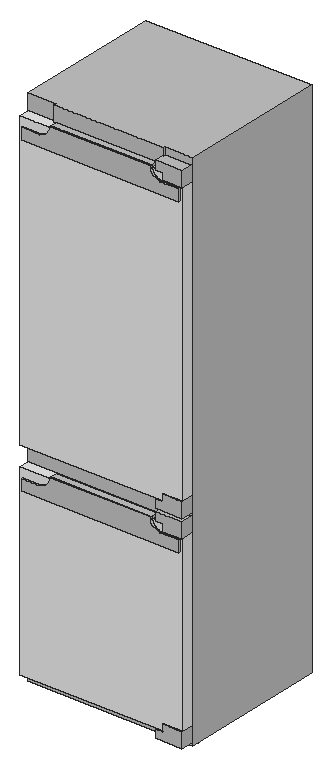
Revit family "FP_Revit_18_RB2470BRV1_Fridge_90001122A", category Specialty Equipment, Revit 2018
Family settings
  Round Connector Dimension = Use Diameter
  Part Type = Normal
  OmniClass Number = 23.40.40.11.11.17
  OmniClass Title = Refrigerator-Freezer
  Work Plane-Based = No
  Always vertical = Yes
  Cut with Voids When Loaded = Yes
  Shared = No
  Room Calculation Point = No
Parameters
  Visibility - Clearance Required = yes
  URL = "www.fisherpaykel.com"
  Stainless Steel Door Panels (RD2470BR) = no
  Product - Width = 555 mm  # constant formula
  Product - Height = 1773 mm  # constant formula
  Product - Depth = 540 mm  # constant formula
  Model = "RB2470BRV1"
  Material - Door Structure = Fisher & Paykel - White
  Material - Door Front = Fisher & Paykel - Stainless Steel
  Material - Body = Fisher & Paykel - Grey
  Manufacturer = "Fisher & Paykel Appliances"
  Handle Style - Contemporary Square (AHD3RD70B) = no
  Handle Style - Contemporary Round (AHSRD70B) = no
  Handle Offset (R=39mm - L=516mm) = 39 mm  # constant formula
  Floor Offset 18mm = 18 mm  # constant formula
  Description = "24\" Integrated Refrigerator Freezer"
  Connector Description - Electrical = "120 V, 60Hz, 10 A, fused electrical supply"
  Chassis - Width = 790 mm  # constant formula
  Chassis - Height = 1662 mm  # constant formula
  Chassis - Depth = 560 mm  # constant formula
  Cavity - Width (564mm - 570mm) = 570 mm  # constant formula
  Cavity - Height (1782mm to 1786mm) = 1786 mm
  Cavity - Depth = 550 mm  # constant formula
Reference planes
  plane 1 "Center (Front/Back)": y = 0
  plane 2: z = 0
  plane 3 "Center (Left/Right)": x = 0
  plane 4 "Product LHS": x = -277.5
  plane 5 "Product RHS": x = 277.5
  plane 6 "Cavity LHS": x = -285
  plane 7 "Cavity RHS": x = 285
  plane 8 "Cavity - Depth": y = 550
  plane 9 "Handle Offset": x = -238.5
  plane 10 "Product - Depth": y = 540
  plane 11 "Product - Height": z = 1791
  plane 12 "Cavity - Height": z = 1804
  plane 13 "Floor Offset 18mm": z = 18
  plane 14 "Door Panel 18mm": y = -18
Forms (mm)
  Extrusion 1, solid, material "Fisher & Paykel - Grey" <- "Material - Body"
    sketch origin (0, 0, 0) x (1, 0, 0) y (0, 0, 1)
      loop
        circle (237.542, 69) r 5
    from -560 to -540
  Extrusion 2, solid, material "Fisher & Paykel - Clearance Required", visible <- "Visibility - Clearance Required", detail levels coarse
    sketch origin (0, 0, 0) x (1, 0, 0) y (0, 1, 0)
      loop
        line (-285, 550) -> (-285, 0) -> (285, 0) -> (285, 550) -> (-285, 550)
    from 18 to 1804
  Extrusion 3, solid, material "Fisher & Paykel - Clearance Required", visible <- "Visibility - Clearance Required", detail levels coarse
    sketch origin (0, 0, 0) x (1, 0, 0) y (0, 1, 0)
      loop
        arc (-301.5, -18) -> (-78.191, -486.448) -> (426.339, -607.936) r 603
        line (426.339, -607.936) -> (301.5, -18) -> (-301.5, -18)
    from 0 to 1823
  Extrusion 4, solid, material "Fisher & Paykel - Grey" <- "Material - Body"
    sketch origin (0, 0, 0) x (1, 0, 0) y (0, 0, 1)
      loop
        line (184, 1768) -> (184, 1740) -> (209, 1740) -> (209, 1716.938) -> (273.072, 1716.938) -> (273.072, 1768) -> (184, 1768)
      loop
        line (184, 712) -> (184, 684) -> (209, 684) -> (209, 660.938) -> (273.072, 660.938) -> (273.072, 712) -> (184, 712)
      loop
        line (184, 722) -> (273.072, 722) -> (273.072, 773.062) -> (209, 773.062) -> (209, 750) -> (184, 750) -> (184, 722)
      loop
        line (184, 31) -> (273.072, 31) -> (273.072, 82.062) -> (209, 82.062) -> (209, 59) -> (184, 59) -> (184, 31)
    from -43 to -3
  Extrusion 5, solid, material "Fisher & Paykel - White" <- "Material - Door Structure"
    sketch origin (0, 0, 0) x (1, 0, 0) y (0, 0, 1)
      loop
        line (-273, 1740) -> (-273, 750) -> (209, 750) -> (209, 773.062) -> (273.072, 773.062) -> (273.072, 1716.938) -> (209, 1716.938) -> (209, 1740) -> (-273, 1740)
      loop
        line (-273, 684) -> (-273, 59) -> (209, 59) -> (209, 82.062) -> (273.072, 82.062) -> (273.072, 660.938) -> (209, 660.938) -> (209, 684) -> (-273, 684)
    from -43 to -6
  Extrusion 6, solid, material "Fisher & Paykel - Grey" <- "Material - Body"
    sketch origin (0, 0, 0) x (1, 0, 0) y (0, 0, 1)
      loop
        line (-264, 1672.5) -> (264, 1672.5) -> (264, 1711.484) -> (200.848, 1711.484)
        arc (200.848, 1711.484) -> (180.337, 1721.414) -> (169, 1741.183) r 38.602
        line (169, 1741.183) -> (169, 1746.6) -> (-169, 1746.6) -> (-169, 1741.183)
        arc (-169, 1741.183) -> (-180.337, 1721.414) -> (-200.848, 1711.484) r 38.602
        line (-200.848, 1711.484) -> (-264, 1711.484) -> (-264, 1672.5)
      loop
        line (-264, 616.5) -> (264, 616.5) -> (264, 655.484) -> (200.848, 655.484)
        arc (200.848, 655.484) -> (180.337, 665.413) -> (169, 685.183) r 38.602
        line (169, 685.183) -> (169, 690.6) -> (-169, 690.6) -> (-169, 685.183)
        arc (-169, 685.183) -> (-180.337, 665.413) -> (-200.848, 655.484) r 38.602
        line (-200.848, 655.484) -> (-264, 655.484) -> (-264, 616.5)
    from -6 to 0
  Extrusion 7, solid, material "Fisher & Paykel - Grey" <- "Material - Body"
    sketch origin (0, 0, 0) x (0, 1, 0) y (0, 0, 1)
      loop
        line (6, 690.6) -> (6, 684) -> (27.955, 684) -> (27.955, 690.6) -> (6, 690.6)
      loop
        line (6, 1746.6) -> (6, 1740) -> (27.955, 1740) -> (27.955, 1746.6) -> (6, 1746.6)
    from -169.035 to 169.035
  Extrusion 8, solid, material "Fisher & Paykel - Grey" <- "Material - Body"
    sketch origin (0, 0, 0) x (1, 0, 0) y (0, 0, 1)
      loop
        line (-184, 1791) -> (-184, 1740) -> (184, 1740) -> (184, 1791) -> (-184, 1791)
    from -43 to -37
  Extrusion 9, solid, material "Fisher & Paykel - Stainless Steel" <- "Material - Door Front", visible <- "Stainless Steel Door Panels (RD2470BR)"
    sketch origin (0, 0, 0) x (1, 0, 0) y (0, 0, 1)
      loop
        arc (-297.5, 1820) -> (-302.45, 1817.95) -> (-304.5, 1813) r 7
        line (-304.5, 1813) -> (-304.5, 729)
        arc (-304.5, 729) -> (-302.45, 724.05) -> (-297.5, 722) r 7
        line (-297.5, 722) -> (291.5, 722)
        arc (291.5, 722) -> (296.45, 724.05) -> (298.5, 729) r 7
        line (298.5, 729) -> (298.5, 1813)
        arc (298.5, 1813) -> (296.45, 1817.95) -> (291.5, 1820) r 7
        line (291.5, 1820) -> (-297.5, 1820)
      loop
        arc (-297.5, 719) -> (-302.45, 716.95) -> (-304.5, 712) r 7
        line (-304.5, 712) -> (-304.5, 10)
        arc (-304.5, 10) -> (-302.45, 5.05) -> (-297.5, 3) r 7
        line (-297.5, 3) -> (291.5, 3)
        arc (291.5, 3) -> (296.45, 5.05) -> (298.5, 10) r 7
        line (298.5, 10) -> (298.5, 712)
        arc (298.5, 712) -> (296.45, 716.95) -> (291.5, 719) r 7
        line (291.5, 719) -> (-297.5, 719)
    from 0 to 18
  Extrusion 10, solid, material "Fisher & Paykel - Grey" <- "Material - Body"
    sketch origin (0, 0, 0) x (1, 0, 0) y (0, 1, 0)
      loop
        line (-277.5, 540) -> (-277.5, 43) -> (277.5, 43) -> (277.5, 540) -> (-277.5, 540)
    from 23 to 1791
  Extrusion 11, solid, material "Fisher & Paykel - Grey" <- "Material - Body"
    sketch origin (0, 0, 0) x (1, 0, 0) y (0, 1, 0)
      loop
        line (-272.5, 72) -> (-272.5, 53) -> (-242.5, 53) -> (-242.5, 72) -> (-272.5, 72)
      loop
        line (256.5, 496) -> (230.5, 496) -> (230.5, 414) -> (256.5, 414) -> (256.5, 496)
      loop
        line (272.5, 72) -> (242.5, 72) -> (242.5, 53) -> (272.5, 53) -> (272.5, 72)
      loop
        line (-256.5, 496) -> (-256.5, 414) -> (-230.5, 414) -> (-230.5, 496) -> (-256.5, 496)
    from 18 to 23
  Extrusion 12, void
    sketch origin (0, 0, 0) x (1, 0, 0) y (0, 1, 0)
      loop
        line (-285, 550) -> (-285, 0) -> (285, 0) -> (285, 550) -> (-285, 550)
    from 18 to 1804
Cuts and joins
  joined: Extrusion 8, Extrusion 10
Lines and regions (mm)
  model lines, style "Fisher & Paykel"
    curve 1: line (-297.5, 0, 1820) -> (291.5, 0, 1820)
    curve 2: line (-304.5, 0, 729) -> (-304.5, 0, 1813)
    curve 3: line (291.5, 0, 722) -> (-297.5, 0, 722)
    curve 4: line (298.5, 0, 1813) -> (298.5, 0, 729)
    curve 5: line (291.5, 0, 719) -> (-297.5, 0, 719)
    curve 6: line (298.5, 0, 10) -> (298.5, 0, 712)
    curve 7: line (-297.5, 0, 3) -> (291.5, 0, 3)
    curve 8: line (-304.5, 0, 712) -> (-304.5, 0, 10)
    curve 9: arc (-304.5, 0, 1813) -> (-302.45, 0, 1817.95) -> (-297.5, 0, 1820) r 7
    curve 10: arc (291.5, 0, 1820) -> (296.45, 0, 1817.95) -> (298.5, 0, 1813) r 7
    curve 11: arc (291.5, 0, 722) -> (296.45, 0, 724.05) -> (298.5, 0, 729) r 7
    curve 12: arc (298.5, 0, 712) -> (296.45, 0, 716.95) -> (291.5, 0, 719) r 7
    curve 13: arc (-304.5, 0, 729) -> (-302.45, 0, 724.05) -> (-297.5, 0, 722) r 7
    curve 14: arc (-297.5, 0, 719) -> (-302.45, 0, 716.95) -> (-304.5, 0, 712) r 7
    curve 15: arc (-304.5, 0, 10) -> (-302.45, 0, 5.05) -> (-297.5, 0, 3) r 7
    curve 16: arc (298.5, 0, 10) -> (296.45, 0, 5.05) -> (291.5, 0, 3) r 7
Text (mm)
  text "Due to ongoing product development, product details are subject to change without notice. \nPlease always refer to www.fisherpaykel.com for the most current product information. \n© Fisher & Paykel 2020" at (41.04, -623.295, 0), in view "Ref. Level (Plan)"
Dimensions and locks
  equal spacing: plane 4 "Product LHS", plane 3 "Center (Left/Right)", plane 5 "Product RHS"
  "Product - Width": plane 4 "Product LHS" to plane 5 "Product RHS"
  equal spacing: plane 6 "Cavity LHS", plane 3 "Center (Left/Right)", plane 7 "Cavity RHS"
  "Cavity - Width (564mm - 570mm)": plane 6 "Cavity LHS" to plane 7 "Cavity RHS"
  Extrusion 1 sketch curve to plane 5 "Product RHS" = 39.958 mm
  locked: Extrusion 9 to Extrusion 9 at 1098
  locked: Extrusion 9 to Extrusion 9 at 716
  locked: Extrusion 9 to level at 3
  locked: Extrusion 9 to Extrusion 9 at 3
  Extrusion 9 to level = 1820 mm
  locked: Extrusion 9 to Extrusion 9 at 603
  "Handle Offset (R=39mm - L=516mm)": plane 4 "Product LHS" to plane 9 "Handle Offset"
  "Floor Offset 18mm": plane 13 "Floor Offset 18mm" to level
  "Product - Height": plane 11 "Product - Height" to plane 13 "Floor Offset 18mm"
  "Cavity - Height (1782mm to 1786mm)": plane 12 "Cavity - Height" to plane 13 "Floor Offset 18mm"
  "Cavity - Depth": plane 8 "Cavity - Depth" to plane 1 "Center (Front/Back)"
  "Product - Depth": plane 10 "Product - Depth" to plane 1 "Center (Front/Back)"
  locked: plane 3 "Center (Left/Right)" to Extrusion 11 sketch curve at 230.5
  Extrusion 11 sketch curve to plane 3 "Center (Left/Right)" to Extrusion 11 sketch curve = 242.5 mm locked, 242.5 mm locked
  Extrusion 11 sketch curve to plane 3 "Center (Left/Right)" to Extrusion 11 sketch curve = 272.5 mm locked, 272.5 mm locked
  locked: Extrusion 11 sketch curve to Extrusion 11 sketch curve at 26  (x2)
  locked: Extrusion 11 sketch curve to Extrusion 11 sketch curve at 513
  locked: Extrusion 3 to Extrusion 9 at 3
  radius of Extrusion 1 sketch curve = 5 mm
  aligned and locked: level to plane 2
  aligned and locked: Extrusion 10 sketch curve to plane 4 "Product LHS"
  aligned and locked: Extrusion 10 sketch curve to plane 5 "Product RHS"
  aligned and locked: Extrusion 10 sketch curve to Extrusion 5
  aligned and locked: plane 10 "Product - Depth" to Extrusion 10
  aligned and locked: nested 2 to plane 9 "Handle Offset"
  aligned and locked: nested 1 to plane 9 "Handle Offset"
  aligned and locked: plane 11 "Product - Height" to Extrusion 10
Automatic sketch dimensions
  curve 8 to plane 13 "Floor Offset 18mm" = 8 mm
  plane 6 "Cavity LHS" to curve 8 = 19.5 mm
  curve 2 to curve 8 = 0 mm
  curve 14 to curve 14 = 7 mm
  curve 8 to curve 15 = 7 mm
  curve 3 to curve 5 = 0 mm  (x2)
  curve 9 to curve 1 = 7 mm
  curve 7 to plane 7 "Cavity RHS" = 6.5 mm
  curve 11 to plane 7 "Cavity RHS" = 6.5 mm
  curve 1 to plane 7 "Cavity RHS" = 6.5 mm
  curve 12 to curve 6 = 7 mm
  curve 11 to curve 4 = 7 mm
  plane 13 "Floor Offset 18mm" to curve 6 = 694 mm
  curve 5 to curve 3 = 3 mm
  plane 12 "Cavity - Height" to curve 4 = 9 mm
  plane 13 "Floor Offset 18mm" to Extrusion 1 sketch curve = 51 mm
  plane 1 "Center (Front/Back)" to Extrusion 2 sketch curve = 0 mm
  Extrusion 2 sketch curve to plane 6 "Cavity LHS" = 0 mm
  Extrusion 2 sketch curve to plane 7 "Cavity RHS" = 0 mm
  Extrusion 2 sketch curve to plane 8 "Cavity - Depth" = 0 mm
  Extrusion 3 sketch curve to plane 14 "Door Panel 18mm" = 0 mm
  plane 6 "Cavity LHS" to Extrusion 3 sketch curve = 16.5 mm
  Extrusion 3 sketch curve to plane 7 "Cavity RHS" = 16.5 mm
  Extrusion 3 sketch curve to Extrusion 3 sketch curve = 0 mm
  Extrusion 3 sketch curve to plane 7 "Cavity RHS" = 141.339 mm
  Extrusion 4 sketch curve to plane 11 "Product - Height" = 23 mm
  plane 5 "Product RHS" to Extrusion 4 sketch curve = 93.5 mm  (x3)
  plane 13 "Floor Offset 18mm" to Extrusion 4 sketch curve = 41 mm
  Extrusion 4 sketch curve to Extrusion 4 sketch curve = 0 mm
  Extrusion 4 sketch curve to Extrusion 4 sketch curve = 25 mm  (x4)
  plane 5 "Product RHS" to Extrusion 4 sketch curve = 4.428 mm  (x4)
  plane 13 "Floor Offset 18mm" to Extrusion 4 sketch curve = 13 mm
  Extrusion 4 sketch curve to Extrusion 4 sketch curve = 23.062 mm  (x2)
  Extrusion 4 sketch curve to Extrusion 4 sketch curve = 578.875 mm
  Extrusion 4 sketch curve to Extrusion 4 sketch curve = 28 mm  (x3)
  Extrusion 4 sketch curve to Extrusion 4 sketch curve = 10 mm
  Extrusion 4 sketch curve to Extrusion 4 sketch curve = 51.062 mm  (x2)
  Extrusion 5 sketch curve to plane 4 "Product LHS" = 4.5 mm  (x2)
  plane 5 "Product RHS" to Extrusion 5 sketch curve = 68.5 mm  (x3)
  Extrusion 5 sketch curve to Extrusion 5 sketch curve = 0 mm
  plane 5 "Product RHS" to Extrusion 5 sketch curve = 4.428 mm  (x2)
  plane 13 "Floor Offset 18mm" to Extrusion 5 sketch curve = 41 mm
  plane 13 "Floor Offset 18mm" to Extrusion 5 sketch curve = 64.062 mm
  Extrusion 5 sketch curve to Extrusion 5 sketch curve = 578.875 mm
  Extrusion 5 sketch curve to Extrusion 5 sketch curve = 23.062 mm  (x2)
  Extrusion 5 sketch curve to Extrusion 5 sketch curve = 66 mm
  Extrusion 5 sketch curve to plane 11 "Product - Height" = 74.062 mm
  Extrusion 5 sketch curve to plane 11 "Product - Height" = 51 mm
  Extrusion 6 sketch curve to plane 4 "Product LHS" = 13.5 mm  (x2)
  Extrusion 6 sketch curve to plane 9 "Handle Offset" = 31.837 mm  (x2)
  Extrusion 6 sketch curve to plane 9 "Handle Offset" = 37.652 mm  (x2)
  Extrusion 6 sketch curve to Extrusion 6 sketch curve = 37.663 mm  (x4)
  plane 5 "Product RHS" to Extrusion 6 sketch curve = 108.5 mm  (x2)
  Extrusion 6 sketch curve to plane 11 "Product - Height" = 49.817 mm
  Extrusion 6 sketch curve to Extrusion 6 sketch curve = 31.848 mm  (x2)
  plane 5 "Product RHS" to Extrusion 6 sketch curve = 13.5 mm  (x2)
  Extrusion 6 sketch curve to plane 11 "Product - Height" = 79.516 mm  (x2)
  Extrusion 6 sketch curve to Extrusion 6 sketch curve = 38.984 mm  (x2)
  plane 13 "Floor Offset 18mm" to Extrusion 6 sketch curve = 675.645 mm
  Extrusion 6 sketch curve to Extrusion 6 sketch curve = 0 mm
  Extrusion 6 sketch curve to Extrusion 6 sketch curve = 3.046 mm
  Extrusion 6 sketch curve to Extrusion 6 sketch curve = 5.417 mm  (x3)
  Extrusion 6 sketch curve to Extrusion 6 sketch curve = 29.699 mm
  Extrusion 7 sketch curve to plane 1 "Center (Front/Back)" = 6 mm  (x2)
  Extrusion 7 sketch curve to Extrusion 7 sketch curve = 21.955 mm  (x2)
  plane 13 "Floor Offset 18mm" to Extrusion 7 sketch curve = 666 mm
  Extrusion 7 sketch curve to Extrusion 7 sketch curve = 6.6 mm  (x2)
  Extrusion 7 sketch curve to plane 11 "Product - Height" = 51 mm
  Extrusion 8 sketch curve to plane 11 "Product - Height" = 0 mm
  Extrusion 8 sketch curve to plane 9 "Handle Offset" = 54.5 mm
  plane 5 "Product RHS" to Extrusion 8 sketch curve = 93.5 mm
  Extrusion 8 sketch curve to Extrusion 8 sketch curve = 51 mm
  plane 6 "Cavity LHS" to Extrusion 9 sketch curve = 19.5 mm
  Extrusion 9 sketch curve to Extrusion 9 sketch curve = 0 mm  (x2)
  Extrusion 9 sketch curve to Extrusion 9 sketch curve = 7 mm  (x5)
  Extrusion 9 sketch curve to plane 7 "Cavity RHS" = 6.5 mm  (x4)
  level to Extrusion 9 sketch curve = 3 mm
  plane 13 "Floor Offset 18mm" to Extrusion 9 sketch curve = 694 mm
  Extrusion 9 sketch curve to Extrusion 9 sketch curve = 3 mm
  plane 12 "Cavity - Height" to Extrusion 9 sketch curve = 9 mm
  Extrusion 10 sketch curve to plane 10 "Product - Depth" = 0 mm
  Extrusion 11 sketch curve to plane 1 "Center (Front/Back)" = 53 mm  (x2)
  Extrusion 11 sketch curve to Extrusion 11 sketch curve = 19 mm  (x2)
  Extrusion 11 sketch curve to plane 10 "Product - Depth" = 126 mm  (x2)
  Extrusion 11 sketch curve to plane 10 "Product - Depth" = 44 mm  (x2)
  plane 1 "Center (Front/Back)" to Extrusion 12 sketch curve = 0 mm
  Extrusion 12 sketch curve to plane 6 "Cavity LHS" = 0 mm
  Extrusion 12 sketch curve to plane 7 "Cavity RHS" = 0 mm
  Extrusion 12 sketch curve to plane 8 "Cavity - Depth" = 0 mm
Nested families
  nested 1: "F&P Handle Contemporary Square - RB2470B" at (-238.5, -18, 59), visible <- "Handle Style - Contemporary Square (AHD3RD70B)", type "F&P Handle Contemporary Square - RB2470B"
  nested 2: "F&P Handle Contemporary Round - RB2470B" at (-238.5, -18, 59), visible <- "Handle Style - Contemporary Round (AHSRD70B)", type "F&P Handle Contemporary Round - RB2470B"
  nested 3: "Visibility Control Note 18" at (0, 43, 0), type "Visibility Control Note 18"
Connectors
  electrical at (237.542, 560, 69), driven by "Connector Description - Electrical"
    settings: on Extrusion 1, index 2, voltage 120 V, apparent load 0 VA, apparent load phase1 0 VA, apparent load phase2 0 VA, apparent load phase3 0 VA, power factor 1, load classification "Other", number of poles 1, system type 30, power factor state 1, is connector primary yes, connector utility no, sub classification motor no, connector description "120 V, 60Hz, 10 A, fused electrical supply"
Definition of nested family "F&P Handle Contemporary Square - RB2470B"
  Parameters (values of type "F&P Handle Contemporary Square - RB2470B")
    URL = "www.fisherpaykel.com"
    Material - Handle = none
    Manufacturer = "Fisher & Paykel Appliances"
    Connector Description - Water = ""
    Connector Description - Electrical = ""
  Reference planes
    plane 1 "Center (Front/Back)": y = 0
    plane 2: z = 0
    plane 3 "Center (Left/Right)": x = 0
  Forms (mm)
    Extrusion 1, solid, material <- "Material - Handle", detail levels fine
      sketch origin (0, 0, 0) x (1, 0, 0) y (0, 1, 0)
        loop
          arc (-7.7, -27.749) -> (0.04, -25.059) -> (7.7, -27.971) r 11.986
          line (7.7, -27.971) -> (7.7, 0) -> (-7.7, 0) -> (-7.7, -27.749)
      from 270 to 369.973
    Extrusion 2, solid, material <- "Material - Handle", detail levels fine
      sketch origin (0, 0, 0) x (1, 0, 0) y (0, 1, 0)
        loop
          arc (-7.7, -27.749) -> (0.04, -25.059) -> (7.7, -27.971) r 11.986
          line (7.7, -27.971) -> (7.7, 0) -> (-7.7, 0) -> (-7.7, -27.749)
      from 600.023 to 644.1
    Extrusion 3, solid, material <- "Material - Handle", detail levels fine
      sketch origin (0, 0, 0) x (1, 0, 0) y (0, 1, 0)
        loop
          arc (-7.7, -27.749) -> (0.04, -25.059) -> (7.7, -27.971) r 11.986
          line (7.7, -27.971) -> (7.7, 0) -> (-7.7, 0) -> (-7.7, -27.749)
      from 679 to 722.973
    Extrusion 4, solid, material <- "Material - Handle", detail levels fine
      sketch origin (0, 0, 0) x (1, 0, 0) y (0, 1, 0)
        loop
          arc (-7.7, -27.749) -> (0.04, -25.059) -> (7.7, -27.971) r 11.986
          line (7.7, -27.971) -> (7.7, 0) -> (-7.7, 0) -> (-7.7, -27.749)
      from 1191.023 to 1291
    Extrusion 5, solid, material <- "Material - Handle", detail levels fine
      sketch origin (0, 0, 0) x (1, 0, 0) y (0, 1, 0)
        loop
          arc (-8, -39.496) -> (-7.559, -40.559) -> (-6.496, -41) r 1.504
          line (-6.496, -41) -> (6.5, -41)
          arc (6.5, -41) -> (7.561, -40.561) -> (8, -39.5) r 1.5
          line (8, -39.5) -> (8, -28.788)
          arc (8, -28.788) -> (7.908, -28.369) -> (7.649, -28.028) r 1
          arc (7.649, -28.028) -> (0.055, -25.159) -> (-7.625, -27.788) r 11.986
          arc (-7.625, -27.788) -> (-7.901, -28.136) -> (-8, -28.569) r 1
          line (-8, -28.569) -> (-8, -39.496)
      from 679 to 1291
    Extrusion 6, solid, material <- "Material - Handle", detail levels fine
      sketch origin (0, 0, 0) x (1, 0, 0) y (0, 1, 0)
        loop
          arc (-8, -39.496) -> (-7.559, -40.559) -> (-6.496, -41) r 1.504
          line (-6.496, -41) -> (6.5, -41)
          arc (6.5, -41) -> (7.561, -40.561) -> (8, -39.5) r 1.5
          line (8, -39.5) -> (8, -28.788)
          arc (8, -28.788) -> (7.908, -28.369) -> (7.649, -28.028) r 1
          arc (7.649, -28.028) -> (0.055, -25.159) -> (-7.625, -27.788) r 11.986
          arc (-7.625, -27.788) -> (-7.901, -28.136) -> (-8, -28.569) r 1
          line (-8, -28.569) -> (-8, -39.496)
      from 270 to 644.1
    Sweep 7, void
      path in 3D
        loop
          line (-8, -28.569, 1291) -> (-8, -39.496, 1291)
          arc (-8, -39.496, 1291) -> (-7.559, -40.559, 1291) -> (-6.496, -41, 1291) r 1.504
          line (-6.496, -41, 1291) -> (6.5, -41, 1291)
          arc (6.5, -41, 1291) -> (7.561, -40.561, 1291) -> (8, -39.5, 1291) r 1.5
          line (8, -39.5, 1291) -> (8, -28.788, 1291)
      profile origin (8, -34.144, 1291) x (-1, 0, 0) y (0, 0, 1)
        loop
          line (0, 0) -> (0, -1.2) -> (1.2, 0) -> (0, 0)
    Extrusion 8, void
      sketch origin (0, 0, 0) x (1, 0, 0) y (0, 0, 1)
        loop
          line (6.8, 1291) -> (8, 1289.8) -> (8, 1291) -> (6.8, 1291)
        loop
          line (-6.8, 1291) -> (-8, 1291) -> (-8, 1289.8) -> (-6.8, 1291)
      from 0 to 41
    Sweep 9, void
      path in 3D
        loop
          line (-8, -28.569, 644.1) -> (-8, -39.496, 644.1)
          arc (-8, -39.496, 644.1) -> (-7.559, -40.559, 644.1) -> (-6.496, -41, 644.1) r 1.504
          line (-6.496, -41, 644.1) -> (6.5, -41, 644.1)
          arc (6.5, -41, 644.1) -> (7.561, -40.561, 644.1) -> (8, -39.5, 644.1) r 1.5
          line (8, -39.5, 644.1) -> (8, -28.788, 644.1)
      profile origin (8, -34.144, 644.1) x (-1, 0, 0) y (0, 0, 1)
        loop
          line (0, 0) -> (0, -1.2) -> (1.2, 0) -> (0, 0)
    Extrusion 10, void
      sketch origin (0, 0, 10.1) x (1, 0, 0) y (0, 0, 1)
        loop
          line (6.8, 634) -> (8, 632.8) -> (8, 634) -> (6.8, 634)
        loop
          line (-6.8, 634) -> (-8, 634) -> (-8, 632.8) -> (-6.8, 634)
      from 0 to 41
    Extrusion 11, solid, material <- "Material - Handle", detail levels coarse+medium
      sketch origin (0, 0, 0) x (0, 1, 0) y (0, 0, 1)
        loop
          line (0, 1291) -> (-41, 1291) -> (-41, 679) -> (0, 679) -> (0, 722.973) -> (-25.058, 722.973) -> (-25.058, 1191.023) -> (0, 1191.023) -> (0, 1291)
        loop
          line (0, 644.1) -> (-41, 644.1) -> (-41, 270) -> (0, 270) -> (0, 369.973) -> (-25, 369.973) -> (-25, 600.023) -> (0, 600.023) -> (0, 644.1)
      from -8 to 8
  Cuts and joins
    Sweep 7, Extrusion 8 cuts Extrusion 5
    Extrusion 8 cuts Extrusion 4
    Sweep 9, Extrusion 10 cuts Extrusion 6
    Extrusion 10 cuts Extrusion 2
  Lines and regions (mm)
    sketch lines
      curve 1: line (8, -39.5, 1291) -> (8, -28.788, 1291)
      curve 2: arc (8, -39.5, 1291) -> (7.561, -40.561, 1291) -> (6.5, -41, 1291) r 1.5
      curve 3: line (-6.496, -41, 1291) -> (6.5, -41, 1291)
      curve 4: arc (-6.496, -41, 1291) -> (-7.559, -40.559, 1291) -> (-8, -39.496, 1291) r 1.504
      curve 5: line (-8, -28.569, 1291) -> (-8, -39.496, 1291)
      curve 6: line (8, -39.5, 644.1) -> (8, -28.788, 644.1)
      curve 7: arc (8, -39.5, 644.1) -> (7.561, -40.561, 644.1) -> (6.5, -41, 644.1) r 1.5
      curve 8: arc (-6.496, -41, 644.1) -> (-7.559, -40.559, 644.1) -> (-8, -39.496, 644.1) r 1.504
      curve 9: line (-8, -28.569, 644.1) -> (-8, -39.496, 644.1)
      curve 10: line (-6.496, -41, 644.1) -> (6.5, -41, 644.1)
  Dimensions and locks
    aligned and locked: level to plane 2
    aligned and locked: Extrusion 6 to Extrusion 1
Definition of nested family "F&P Handle Contemporary Round - RB2470B"
  Parameters (values of type "F&P Handle Contemporary Round - RB2470B")
    URL = "www.fisherpaykel.com"
    Material - Handle = none
    Manufacturer = "Fisher & Paykel Appliances"
    Connector Description - Water = ""
    Connector Description - Electrical = ""
  Reference planes
    plane 1 "Center (Front/Back)": y = 0
    plane 2: z = 0
    plane 3 "Center (Left/Right)": x = 0
  Forms (mm)
    Extrusion 1, solid, material <- "Material - Handle"
      sketch origin (0, 0, 0) x (1, 0, 0) y (0, 1, 0)
        loop
          arc (-8.7, -32.3) -> (0, -41) -> (8.7, -32.3) r 8.7
          line (8.7, -32.3) -> (8.7, 0) -> (-8.7, 0) -> (-8.7, -32.3)
      from 270 to 369.973
    Extrusion 2, solid, material <- "Material - Handle", detail levels fine
      sketch origin (0, 0, 0) x (1, 0, 0) y (0, 1, 0)
        loop
          arc (-8.7, -32.3) -> (0, -41) -> (8.7, -32.3) r 8.7
          line (8.7, -32.3) -> (8.7, 0) -> (-8.7, 0) -> (-8.7, -32.3)
      from 600.023 to 644.1
    Extrusion 3, solid, material <- "Material - Handle"
      sketch origin (0, 0, 0) x (1, 0, 0) y (0, 1, 0)
        loop
          arc (-8.7, -32.3) -> (0, -41) -> (8.7, -32.3) r 8.7
          line (8.7, -32.3) -> (8.7, 0) -> (-8.7, 0) -> (-8.7, -32.3)
      from 679 to 722.973
    Extrusion 4, solid, material <- "Material - Handle", detail levels fine
      sketch origin (0, 0, 0) x (1, 0, 0) y (0, 1, 0)
        loop
          arc (-8.7, -32.3) -> (0, -41) -> (8.7, -32.3) r 8.7
          line (8.7, -32.3) -> (8.7, 0) -> (-8.7, 0) -> (-8.7, -32.3)
      from 1191.023 to 1291
    Extrusion 5, solid, material <- "Material - Handle"
      sketch origin (0, 0, 0) x (1, 0, 0) y (0, 1, 0)
        loop
          circle (0, -32.3) r 8.7
      from 722.973 to 1191.023
    Extrusion 6, solid, material <- "Material - Handle"
      sketch origin (0, 0, 0) x (1, 0, 0) y (0, 1, 0)
        loop
          circle (0, -32.3) r 8.7
      from 369.973 to 600.023
    Extrusion 7, solid, material <- "Material - Handle", detail levels coarse+medium
      sketch origin (0, 0, 0) x (1, 0, 0) y (0, 1, 0)
        loop
          arc (-8.7, -32.3) -> (0, -41) -> (8.7, -32.3) r 8.7
          line (8.7, -32.3) -> (8.7, 0) -> (-8.7, 0) -> (-8.7, -32.3)
      from 600.023 to 644.1
    Extrusion 8, solid, material <- "Material - Handle", detail levels coarse+medium
      sketch origin (0, 0, 0) x (1, 0, 0) y (0, 1, 0)
        loop
          arc (-8.7, -32.3) -> (0, -41) -> (8.7, -32.3) r 8.7
          line (8.7, -32.3) -> (8.7, 0) -> (-8.7, 0) -> (-8.7, -32.3)
      from 1191.023 to 1291
    Sweep 9, void
      path in 3D
        loop
          line (-8.7, 0, 1291) -> (-8.7, -32.3, 1291)
          arc (-8.7, -32.3, 1291) -> (0, -41, 1291) -> (8.7, -32.3, 1291) r 8.7
          line (8.7, -32.3, 1291) -> (8.7, 0, 1291)
      profile origin (8.7, -16.15, 1291) x (-1, 0, 0) y (0, 0, 1)
        loop
          line (0, 0) -> (0, -1) -> (1, 0) -> (0, 0)
    Sweep 10, void
      path in 3D
        loop
          line (-8.7, 0, 644.1) -> (-8.7, -32.3, 644.1)
          arc (-8.7, -32.3, 644.1) -> (0, -41, 644.1) -> (8.7, -32.3, 644.1) r 8.7
          line (8.7, -32.3, 644.1) -> (8.7, 0, 644.1)
      profile origin (8.7, -16.15, 644.1) x (-1, 0, 0) y (0, 0, 1)
        loop
          line (0, 0) -> (0, -1) -> (1, 0) -> (0, 0)
  Cuts and joins
    Sweep 9 cuts Extrusion 4
    Sweep 10 cuts Extrusion 2
  Lines and regions (mm)
    sketch lines
      curve 1: line (8.7, -32.3, 1291) -> (8.7, 0, 1291)
      curve 2: arc (8.7, -32.3, 1291) -> (0, -41, 1291) -> (-8.7, -32.3, 1291) r 8.7
      curve 3: line (-8.7, 0, 1291) -> (-8.7, -32.3, 1291)
      curve 4: line (8.7, -32.3, 644.1) -> (8.7, 0, 644.1)
      curve 5: arc (8.7, -32.3, 644.1) -> (0, -41, 644.1) -> (-8.7, -32.3, 644.1) r 8.7
      curve 6: line (-8.7, 0, 644.1) -> (-8.7, -32.3, 644.1)
  Dimensions and locks
    aligned and locked: level to plane 2
Definition of nested family "Visibility Control Note 18"
  Reference planes
    plane 1: y = 0
    plane 2: x = 0
  Text (mm)
    text "Edit Type: \nTo control handle kit \nand door panel visibility\n options\n\nDelete unwanted kits \nto reduce file size" at (-0.165, 35.556, 0)
